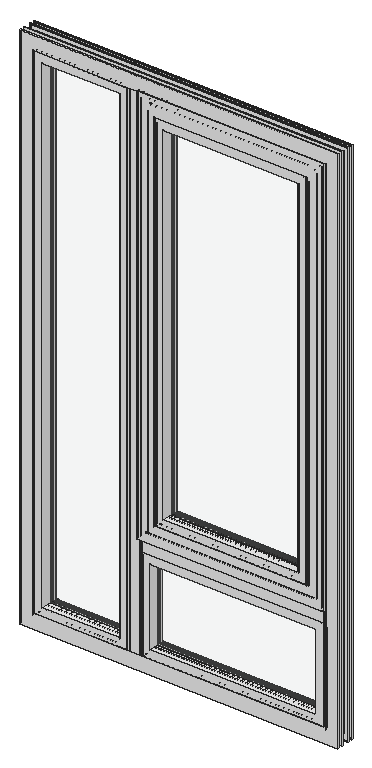
Revit family "Serene_T&T_Window_E_Custom", category Windows, host Wall, Revit 2014
Parameters (values of type "Serene_T&T_Window_E_Custom")
  Windload Design = if(Custom Windload < 1001 mm, 1000 mm, if(Custom Windload < 1501 mm, 1500 mm, 2000 mm))  # 1000 mm
  Width Sash [instance] = 522 mm
  Width = if(Custom Window Width > Limit Window Width Max, Limit Window Width Max, if(Custom Window Width < Limit Window Width Min, Limit Window Width Min, Custom Window Width))  # 890 mm
  Wall Thickness [instance] = 200 mm
  URL = "http://www.crealco.co.za/crealco-products.php"
  Thermal Resistance (R) [instance] = if(and(Custom U Value > 0.5678, 1 / Custom U Value < 36.9087), Custom U Value, if(not(Custom U Value > 0.5678), 1 / 0.5679, 1 / 36.9086)) * 1.0000 (m²·K)/W  # 1.76087 (m²·K)/W
  Standard Mullion = not(Heavy Duty Mullion)  # yes
  Solar Heat Gain Coefficient [instance] = if(and(not(Custom SHGC Value < 0), not(Custom SHGC Value > 1)), Custom SHGC Value, if(Custom U Value < 0, 0, 1))  # 0
  Sash Width = if(Custom Sash Width > Limit Sash Width Max, Limit Sash Width Max, if(Custom Sash Width < Limit Sash Width Min, Limit Sash Width Min, Custom Sash Width))  # 522 mm
  Sash Overlap = 28 mm  # constant formula
  Sash Height = if(Custom Sash Height > Limit Sash Height Max, Limit Sash Height Max, if(Custom Sash Height < Limit Sash Height Min, Limit Sash Height Min, Custom Sash Height))  # 1122 mm
  Sash Frame Gasket = 3.4 mm  # constant formula
  Sash Edge Gap = 34 mm  # constant formula
  Overall Width [instance] = 890 mm
  Overall Height [instance] = 1490 mm
  Max System DG Unit Thickness = 20 mm  # constant formula
  Max System DG One Piece Thickness = rounddown((Max System DG Unit Thickness - 12 mm) / 2 mm) * 1 mm  # 4 mm
  Max Pane Area = if(and(Area Glazing Sash > Area Glazing Fixed Panel Right, Area Glazing Sash > Area Glazing Fixed Panel Left), Area Glazing Sash, if(and(Area Glazing Fixed Panel Right > Area Glazing Sash, Area Glazing Fixed Panel Right > Area Glazing Fixed Panel Left), Area Glazing Fixed Panel Right, if(and(Area Glazing Fixed Panel Left > Area Glazing Sash, Area Glazing Fixed Panel Left > Area Glazing Fixed Panel Right), Area Glazing Fixed Panel Left, if(Area Glazing Sash > Area Glazing Fixed Panel Right, Area Glazing Sash, Area Glazing Fixed Panel Right))))  # 0.430707 m²
  Limit Fixed Panel Width Max = 1800 mm  # constant formula
  Limit Fixed Panel Height Min = 200 mm  # constant formula
  Limit Fixed Panel Height Max = 1800 mm  # constant formula
  Length Transom = Sash Width - 6 mm - 6.4 mm  # 509.6 mm
  Length Decorative Mullion = Height  # 1490 mm
  Custom U Value = 0
  Custom SHGC Value = 0
  IGDB or SAGDB Number [instance] = 0
  Height Sash [instance] = 1122 mm
  Height = if(Custom Window Height > Limit Window Height Max, Limit Window Height Max, if(Custom Window Height < Limit Window Height Min, Limit Window Height Min, Custom Window Height))  # 1490 mm
  Heavy Duty Mullion = if(Windload Design = 1000 mm, if(and(Width > 890 mm, Height > 1490 mm), 1 = 1, 1 = 0), if(Windload Design = 1500 mm, if(or(and(Width > 1190 mm, Height > 1190 mm), Height > 1490 mm), 1 = 1, 1 = 0), if(or(and(Width > 890 mm, Height > 1190 mm), Height > 1490 mm), 1 = 1, 1 = 0)))  # no
  Heat Transfer Coefficient (U) [instance] = if(and(Custom U Value > 0.5678, Custom U Value < 36.9087), Custom U Value, if(not(Custom U Value > 0.5678), 0.5679, 36.9086)) * 1.0000 W/(m²·K)  # 0.5679 W/(m²·K)
  Glazing Material [instance] = if(IGDB or SAGDB Number = 1000015, "PFG CLEARVUE 4mm", if(IGDB or SAGDB Number = 9922, "PFG ENERGY ADVANTAGE 4mm LOW-E", if(IGDB or SAGDB Number = 100100, "PFG INTRUDERPRUFE 6.38mm", if(IGDB or SAGDB Number = 103200, "PFG INTRUDERPRUFE LOW-E 7.38mm", if(IGDB or SAGDB Number = 105001, "PFG 20mm CLEARVUE INSULATED GLASS", if(IGDB or SAGDB Number = 105002, "PFG 20mm CLEARVUE INSULATED GLASS LOW-E", "Unknown"))))))  # "Unknown"
  Glazing Code [instance] = if(IGDB or SAGDB Number = 1000015, "CF4", if(IGDB or SAGDB Number = 9922, "CF4E", if(IGDB or SAGDB Number = 100100, "LAM01", if(IGDB or SAGDB Number = 103200, "LAM01E", if(IGDB or SAGDB Number = 105001, "IGU20", if(IGDB or SAGDB Number = 105002, "IGU20E", "Unknown"))))))  # "Unknown"
  Frame Width = 62 mm  # constant formula
  Frame Thickness = 52 mm  # constant formula
  Frame Offset From Exterior [instance] = if(Centered In Wall, (Wall Thickness - Frame Thickness) / 2, Custom Window Exterior Offset)  # 74 mm
  Fixed Panel Right Width = Width - Sash Width - 33.6 mm - 34 mm - 40 mm  # 260.4 mm
  Fixed Panel Right Height = Height - (2 mm * 40)  # 1410 mm
  Fixed Panel Left Width = Sash Width - 6 mm - 6.4 mm  # 509.6 mm
  Fixed Panel Left Height = Height - Sash Edge Gap - Sash Height - 40 mm - 33.6 mm  # 260.4 mm
  DG Thickness Calc = if(not(Max Pane Area > 1.125 m²), 4 mm, if(not(Max Pane Area > 2.25 m²), 4 mm, if(not(Max Pane Area > 3.15 m²), 5 mm, if(not(Max Pane Area > 4.35 m²), 6 mm, if(not(Max Pane Area > 6.45 m²), 8 mm, 10 mm)))))  # 4 mm
  DG Thickness [instance] = if(IGDB or SAGDB Number = 105001, 4 mm, if(IGDB or SAGDB Number = 105002, 4 mm, if(DG Thickness Calc > Max System DG One Piece Thickness, Max System DG One Piece Thickness, DG Thickness Calc)))  # 4 mm
  DG Gasket Tickness = 12 mm  # constant formula
  Custom Window Width = 890 mm
  Custom Window Height = 1490 mm
  Custom Window Exterior Offset = 0 mm
  Custom Windload = 1000 mm
  Custom Sash Width = 522 mm
  Single Glazing [instance] = not(Double Glazing)  # yes
  SG Thickness [instance] = if(IGDB or SAGDB Number = 1000015, 4 mm, if(IGDB or SAGDB Number = 9922, 4 mm, if(IGDB or SAGDB Number = 100100, 6 mm, if(IGDB or SAGDB Number = 103200, 7 mm, if(not(Max Pane Area > 0.75 m²), 4 mm, if(not(Max Pane Area > 1.50 m²), 4 mm, if(not(Max Pane Area > 2.10 m²), 5 mm, if(not(Max Pane Area > 2.90 m²), 6.4 mm, if(not(Max Pane Area > 4.30 m²), 8 mm, 10 mm)))))))))  # 4 mm
  Model = "Serene"  # constant formula
  Manufacturer = "Crealco"  # constant formula
  Limit Window Width Min = Limit Fixed Panel Width Min + Sash Width + Sash Edge Gap + 33.6 mm + 40 mm  # 829.6 mm
  Limit Window Width Max = Limit Fixed Panel Width Max + Sash Width + Sash Edge Gap + 33.6 mm + 40 mm  # 2429.6 mm
  Limit Window Height Min = Sash Edge Gap + Sash Height + 33.6 mm + Limit Fixed Panel Height Min + 40 mm  # 1429.6 mm
  Limit Window Height Max = Limit Fixed Panel Height Max + (2 * 40 mm)  # 1880 mm
  Limit Sash Width Min = 300 mm  # constant formula
  Limit Sash Width Max = 700 mm  # constant formula
  Limit Sash Height Min = 300 mm  # constant formula
  Limit Sash Height Max = 1500 mm  # constant formula
  Limit Fixed Panel Width Min = 200 mm  # constant formula
  Length Mullion = Height - (2 mm * 40)  # 1410 mm
  Glazing Finish [instance] = Glass
  Double Glazing [instance] = no
  Description = "Tilt and turn window, Type E custom"  # constant formula
  Default Sill Height = 800 mm
  Wall Closure = By host
  DG Gasket Finish = Double Glazing Gasket Material
  Custom Sash Height = 1122 mm
  Centered In Wall = yes
  Area Glazing Sash = (Sash Width - (2 mm * 50.2)) * (Sash Height - (2 mm * 50.2))  # 0.430707 m²
  Area Glazing Fixed Panel Right = (Fixed Panel Right Width - 10 mm) * (Fixed Panel Right Height - 10 mm)  # 0.35056 m²
  Area Glazing Fixed Panel Left = (Fixed Panel Left Width - 10 mm) * (Fixed Panel Left Height - 10 mm)  # 0.1251 m²
  Aluminium Finish [instance] = White Powder Coated Aluminium
  All Available Glazing Numbers [instance] = "The rows below list the available glazing materials for this window:"  # constant formula
  9922 [instance] = "CF4E"  # constant formula
  105002 [instance] = "IGU20E"  # constant formula
  105001 [instance] = "IGU20"  # constant formula
  103200 [instance] = "LAM01E"  # constant formula
  100100 [instance] = "LAM01"  # constant formula
  1000015 [instance] = "CF4"  # constant formula
Reference planes
  plane 1 "Center (Front/Back)": y = 0
  plane 2 "Center (Left/Right)": x = 0
  plane 3 "Left": x = -445
  plane 4 "Right": x = 445
  plane 5 "Sill": z = 800
  plane 6 "Head": z = 2290
  plane 7 "Exterior": y = 100
  plane 8 "Interior": y = -100
  plane 9: y = 0
Lines and regions (mm)
  Opening 1
    outline origin (3500, -100, 0) x (1, 0, 0) y (0, 0, 1)
      loop
        line (-3055, 800) -> (-3055, 2290) -> (-3945, 2290) -> (-3945, 800) -> (-3055, 800)
Text (mm)
  text "EXTERIOR" at (-1963.203, 1332.353, 0), in view "Ref. Level"
  text "INTERIOR" at (-1981.466, -818.386, 0), in view "Ref. Level"
  text "Exterior" at (0, 923.751, 2943.296), in view "Right"
  text "Exterior" at (0, 1040.484, 2685.409), in view "Left"
Dimensions and locks
  equal spacing: plane 3 "Left", plane 2 "Center (Left/Right)", plane 4 "Right"
  "Width": plane 3 "Left" to plane 4 "Right"
  "Height": plane 5 "Sill" to plane 6 "Head"
  "Default Sill Height": plane 5 "Sill" to level
  locked: plane 7 "Exterior" to host wall at 0
  locked: plane 8 "Interior" to host wall
  "Overall Height": plane 5 "Sill" to plane 6 "Head"
  "Overall Width": plane 3 "Left" to plane 4 "Right"
  "Frame Offset From Exterior": nested 1 to plane 7 "Exterior"
  "Wall Thickness": host wall to host wall
  "Sash Edge Gap": plane 6 "Head" to nested 3
  "Sash Frame Gasket": nested 3 to nested 1
  "Width Sash": nested 3 to nested 3
  "Height Sash": nested 3 to nested 3
  "Sash Edge Gap": nested 3 to plane 4 "Right"
  aligned and locked: plane 9 to host wall
  aligned and locked: nested 1 to plane 4 "Right"
  aligned and locked: nested 1 to plane 6 "Head"
  aligned and locked: nested 2 to nested 1
  aligned and locked: nested 4 to nested 1  (x2)
  aligned and locked: nested 1 to nested 4
  aligned and locked: nested 5 to nested 1
  aligned and locked: nested 1 to nested 5
  aligned and locked: nested 3 to nested 5
  aligned and locked: nested 6 to nested 5
  aligned and locked: nested 1 to nested 6
  aligned and locked: nested 6 to nested 2
  aligned and locked: nested 2 to nested 3
  aligned and locked: nested 1 to nested 10
  aligned and locked: nested 10 to nested 3
  aligned and locked: plane 5 "Sill" to nested 10
Automatic sketch dimensions
  Opening 1 sketch curve to plane 3 "Left" = 0 mm
  Opening 1 sketch curve to plane 4 "Right" = 0 mm
  Opening 1 sketch curve to plane 5 "Sill" = 0 mm
  Opening 1 sketch curve to plane 6 "Head" = 0 mm
Nested families
  nested 1: "Serene_Frame_Rounded_Ext_52mm_E_Cust" at (-445, -26, 800), Frame Width <- "Width", Frame Height <- "Height", Profile Material <- "Aluminium Finish", type "Serene_Frame_Rounded_Ext_52mm_E_Cust"
    with Profile Material White Powder Coated Aluminium, Frame Width 890 mm, Frame Height 1490 mm
  nested 2: "Serene_Mullion_44mm_Flat_E_Cust" at (-77.85, -33.553, 840) x (0, 1, 0) z (0, 0, 1), Length Mullion <- "Length Mullion", Profile Material <- "Aluminium Finish", visible <- "Standard Mullion", type "Serene_Mullion_44mm_Flat_E_Cust"
    with Profile Material White Powder Coated Aluminium, Length Mullion 1410 mm
  nested 3: "Serene_Sash_Open_In_72mm_E_Cust" at (411, -32.8, 1134) x (-1, 0, 0) z (0, 0, 1), Profile Material <- "Aluminium Finish", Glazing Material <- "Glazing Finish", Double Glazing Gasket Material <- "DG Gasket Finish", Width Sash <- "Sash Width", Height Sash <- "Sash Height", SG Glazing Thickness <- "SG Thickness", DG Glazing Thickness <- "DG Thickness", DG Gasket Thickness <- "DG Gasket Tickness", Double Glazing <- "Double Glazing", Single Glazing <- "Single Glazing", type "Serene_Sash_Open_In_72mm_E_Cust"
    with Width Sash 522 mm, Width Bead 422 mm, Tilt yes, Single Glazing yes, SG Offset 32.25 mm, SG Glazing Thickness 4 mm, Right Hinged yes, Profile Material White Powder Coated Aluminium, Left Hinged no, Height Sash 1122 mm, Height Bead 1022 mm, Glazing Width 421.6 mm, Glazing Material Glass, Glazing Height 1021.6 mm, Double Glazing Gasket Material Double Glazing Gasket Material, Double Glazing no, DG Offset 18.75 mm, DG Glazing Thickness 4 mm, DG Gasket Thickness 12 mm
  nested 4: "Serene_Fixed_Panel_E_Cust" at (-405, -26, 840), Profile Material <- "Aluminium Finish", Glazing Material <- "Glazing Finish", Double Glazing Gasket Material <- "DG Gasket Finish", SG Thickness <- "SG Thickness", Fixed Panel Width <- "Fixed Panel Right Width", Fixed Panel Height <- "Fixed Panel Right Height", DG Thickness <- "DG Thickness", Single Glazing <- "Single Glazing", Double Glazing <- "Double Glazing", type "Serene_Fixed_Panel_E_Cust"
    with Single Glazing yes, SG Thickness 4 mm, SG Space Available 13 mm, SG Offset 4.5 mm, Profile Material White Powder Coated Aluminium, Glazing Width 250.4 mm, Glazing Material Glass, Glazing Height 1400 mm, Fixed Panel Width 260.4 mm, Fixed Panel Height 1410 mm, Double Glazing Gasket Material Double Glazing Gasket Material, Double Glazing no, DG Thickness 4 mm, DG Space Available 24 mm, DG Offset 2 mm, DG Gasket Thickness 12 mm
  nested 5: "Serene_Transom_44mm_Flat_E_Cust" at (-104.6, -40.48, 787.299), Profile Material <- "Aluminium Finish", Length Transom <- "Length Transom", type "Serene_Transom_44mm_Flat_E_Cust"
    with Profile Material White Powder Coated Aluminium, Length Transom 509.6 mm
  nested 6: "Serene_Fixed_Panel_E_Cust" at (-104.6, -26, 840), Profile Material <- "Aluminium Finish", Glazing Material <- "Glazing Finish", Double Glazing Gasket Material <- "DG Gasket Finish", SG Thickness <- "SG Thickness", Fixed Panel Width <- "Fixed Panel Left Width", Fixed Panel Height <- "Fixed Panel Left Height", DG Thickness <- "DG Thickness", Single Glazing <- "Single Glazing", Double Glazing <- "Double Glazing", type "Serene_Fixed_Panel_E_Cust"
    with Single Glazing yes, SG Thickness 4 mm, SG Space Available 13 mm, SG Offset 4.5 mm, Profile Material White Powder Coated Aluminium, Glazing Width 499.6 mm, Glazing Material Glass, Glazing Height 250.4 mm, Fixed Panel Width 509.6 mm, Fixed Panel Height 260.4 mm, Double Glazing Gasket Material Double Glazing Gasket Material, Double Glazing no, DG Thickness 4 mm, DG Space Available 24 mm, DG Offset 2 mm, DG Gasket Thickness 12 mm
  nested 7: "Serene_Single_Glazing_Tilt_&_Turn_E_Cust" at (360.8, 3.45, 1184.2), type "Serene_Single_Glazing_Tilt_&_Turn_E_Cust"
    with Tilt yes, Right Hinged yes, Left Hinged no, Half Width 210.8 mm, Half Height 510.8 mm, Glazing Width 421.6 mm, Glazing Thickness SG 4 mm, Glazing Material Glass, Glazing Height 1021.6 mm
  nested 8: "Serene_Single_Glazing_Fixed_E_Cust" at (-149.6, 10, 845), type "Serene_Single_Glazing_Fixed_E_Cust"
    with Glazing Width 250.4 mm, Glazing Thickness SG 4 mm, Glazing Material Glass, Glazing Height 1400 mm
  nested 9: "Serene_Single_Glazing_Fixed_E_Cust" at (400, 10, 845), type "Serene_Single_Glazing_Fixed_E_Cust"
    with Glazing Width 499.6 mm, Glazing Thickness SG 4 mm, Glazing Material Glass, Glazing Height 250.4 mm
  nested 10: "Serene_Mullion_73mm_Decorative_E_Cust" at (-79.996, -30.05, 800) x (0, 1, 0) z (0, 0, 1), Profile Material <- "Aluminium Finish", Length Mullion <- "Length Decorative Mullion", visible <- "Heavy Duty Mullion", type "Serene_Mullion_73mm_Decorative_E_Cust"
    with Profile Material White Powder Coated Aluminium, Length Mullion 1490 mm
Definition of nested family "Serene_Frame_Rounded_Ext_52mm_E_Cust"
  Parameters (values of type "Serene_Frame_Rounded_Ext_52mm")
    Profile Material [instance] = none
    Frame Width [instance] = 600 mm
    Frame Height [instance] = 900 mm
  Reference planes
    plane 1 "Center (Front/Back)": y = 0
    plane 2: z = 0
    plane 3 "Center (Left/Right)": x = 0
  Forms (mm)
    Sweep 1, solid, material <- "Profile Material"
      path origin (0, 0, 0) x (1, 0, 0) y (0, 0, 1)
        loop
          line (0, 0) -> (600, 0) -> (600, 900) -> (0, 900) -> (0, 0)
      profile origin (300, 0, 0) x (0, 0, 1) y (0, -1, 0)
        loop
          line (32.05, -9) -> (32.05, -8) -> (33.7, -8) -> (33.7, -1.3) -> (15.1, -1.3) -> (15.1, -8) -> (16.75, -8) -> (16.75, -9) -> (15.1, -9) -> (15.1, -42.5) -> (16.75, -42.5) -> (16.75, -43.5) -> (15.1, -43.5) -> (15.1, -50.7) -> (33.7, -50.7) -> (33.7, -43.5) -> (32.05, -43.5) -> (32.05, -42.5) -> (33.7, -42.5) -> (33.7, -9) -> (32.05, -9)
        loop
          arc (52.4, -49.7) -> (52.107, -48.993) -> (51.4, -48.7) r 1
          line (51.4, -48.7) -> (50.4, -48.7)
          arc (50.4, -48.7) -> (49.9, -49.2) -> (50.4, -49.7) r 0.5
          line (50.4, -49.7) -> (51.2, -49.7) -> (51.2, -50.7) -> (35, -50.7) -> (35, -49.7) -> (36, -49.7)
          arc (36, -49.7) -> (36.5, -49.2) -> (36, -48.7) r 0.5
          line (36, -48.7) -> (35, -48.7) -> (35, -35.9) -> (40, -35.9) -> (40, -32.956) -> (38.5, -31.79) -> (38.5, -34.6) -> (35, -34.6) -> (35, -21.1) -> (38.5, -21.1) -> (38.5, -26.41) -> (40, -25.244) -> (40, -18.807) -> (38, -17.818) -> (38, -19.5) -> (35, -19.5) -> (35, -1.5) -> (38, -1.5) -> (38, -4.182) -> (40, -3.193) -> (40, 0) -> (0, 0) -> (0, -2.7) -> (1.3, -2.7) -> (1.3, -1.5) -> (13.8, -1.5) -> (13.8, -13.05) -> (0, -13.05) -> (0, -16.05) -> (1.3, -16.05) -> (1.3, -14.35) -> (13.8, -14.35) -> (13.8, -37.65) -> (1.3, -37.65) -> (1.3, -35.95) -> (0, -35.95) -> (0, -38.95) -> (13.8, -38.95) -> (13.8, -50.5) -> (1.3, -50.5) -> (1.3, -49.3) -> (0, -49.3) -> (0, -52) -> (58, -52)
          arc (58, -52) -> (60.828, -50.828) -> (62, -48) r 4
          line (62, -48) -> (62, -40.5) -> (59.5, -40.5) -> (59.5, -41.7) -> (60.7, -41.7) -> (60.7, -43.7) -> (55.5, -43.7) -> (55.5, -41.7) -> (56.7, -41.7) -> (56.7, -40.5) -> (54.2, -40.5) -> (54.2, -44)
          arc (54.2, -44) -> (54.493, -44.707) -> (55.2, -45) r 1
          line (55.2, -45) -> (60.7, -45) -> (60.7, -48)
          arc (60.7, -48) -> (59.909, -49.909) -> (58, -50.7) r 2.7
          line (58, -50.7) -> (52.4, -50.7) -> (52.4, -49.7)
  Lines and regions (mm)
    model lines, style "GenericModel"
      curve 1: line (600, 52, 900) -> (541.992, 52, 841.992)
      curve 2: line (0, 52, 900) -> (58.006, 52, 841.994)
      curve 3: line (0, 52, 0) -> (58.008, 52, 58.008)
      curve 4: line (600, 52, 0) -> (541.992, 52, 58.008)
      curve 5: line (0, 0, 900) -> (40, 0, 860)
      curve 6: line (600, 0, 900) -> (560, 0, 860)
      curve 7: line (600, 0, 0) -> (560, 0, 40)
      curve 8: line (0, 0, 0) -> (40, 0, 40)
  Dimensions and locks
    "Frame Width": Sweep 1 sketch curve to Sweep 1 sketch curve
    "Frame Height": Sweep 1 sketch curve to Sweep 1 sketch curve
    aligned and locked: level to plane 2
  Automatic sketch dimensions
    Sweep 1 sketch curve to Sweep 1 sketch curve = 0 mm  (x9)
    Sweep 1 sketch curve to profile plane = 0 mm  (x4)
    Sweep 1 sketch curve to Sweep 1 sketch curve = 1.3 mm  (x13)
    Sweep 1 sketch curve to Sweep 1 sketch curve = 12.5 mm  (x2)
    Sweep 1 sketch curve to Sweep 1 sketch curve = 1.65 mm  (x4)
    Sweep 1 sketch curve to Sweep 1 sketch curve = 15.3 mm  (x2)
    Sweep 1 sketch curve to Sweep 1 sketch curve = 1 mm  (x10)
    Sweep 1 sketch curve to Sweep 1 sketch curve = 3 mm  (x3)
    Sweep 1 sketch curve to Sweep 1 sketch curve = 0.5 mm  (x2)
    Sweep 1 sketch curve to Sweep 1 sketch curve = 3.5 mm
    Sweep 1 sketch curve to Sweep 1 sketch curve = 2 mm  (x3)
    Sweep 1 sketch curve to Sweep 1 sketch curve = 1.5 mm  (x3)
    Sweep 1 sketch curve to Sweep 1 sketch curve = 14.4 mm
    Sweep 1 sketch curve to Sweep 1 sketch curve = 0.8 mm
    Sweep 1 sketch curve to Sweep 1 sketch curve = 0.2 mm  (x3)
    Sweep 1 sketch curve to Sweep 1 sketch curve = 2.8 mm  (x3)
    Sweep 1 sketch curve to Sweep 1 sketch curve = 0.3 mm
    Sweep 1 sketch curve to Sweep 1 sketch curve = 1.2 mm  (x6)
    Sweep 1 sketch curve to plane 1 "Center (Front/Back)" = 52 mm
    Sweep 1 sketch curve to Sweep 1 sketch curve = 5.2 mm
    Sweep 1 sketch curve to Sweep 1 sketch curve = 7 mm
    Sweep 1 sketch curve to Sweep 1 sketch curve = 10.35 mm  (x2)
    Sweep 1 sketch curve to Sweep 1 sketch curve = 1.7 mm  (x2)
    Sweep 1 sketch curve to Sweep 1 sketch curve = 6.6 mm
    Sweep 1 sketch curve to Sweep 1 sketch curve = 1.644 mm
    Sweep 1 sketch curve to Sweep 1 sketch curve = 1.167 mm  (x2)
    Sweep 1 sketch curve to Sweep 1 sketch curve = 5.379 mm
    Sweep 1 sketch curve to Sweep 1 sketch curve = 4.144 mm
    Sweep 1 sketch curve to Sweep 1 sketch curve = 1.6 mm
    Sweep 1 sketch curve to Sweep 1 sketch curve = 0.693 mm
    Sweep 1 sketch curve to Sweep 1 sketch curve = 1.682 mm
    Sweep 1 sketch curve to Sweep 1 sketch curve = 19.9 mm
    Sweep 1 sketch curve to Sweep 1 sketch curve = 8.818 mm
    Sweep 1 sketch curve to Sweep 1 sketch curve = 4.05 mm
    Sweep 1 sketch curve to Sweep 1 sketch curve = 3.818 mm
    Sweep 1 sketch curve to Sweep 1 sketch curve = 0.99 mm
    Sweep 1 sketch curve to Sweep 1 sketch curve = 6.5 mm
    Sweep 1 sketch curve to Sweep 1 sketch curve = 1.693 mm
    curve 1 to Sweep 1 = 0 mm
    Sweep 1 to curve 1 = 0 mm
    curve 2 to Sweep 1 = 0 mm  (x2)
    curve 3 to Sweep 1 = 0 mm  (x2)
    curve 4 to Sweep 1 = 0 mm  (x2)
    curve 2 to Sweep 1 = 0.006 mm  (x2)
    curve 3 to Sweep 1 = 0.008 mm  (x2)
    curve 1 to Sweep 1 = 0.008 mm  (x2)
    curve 4 to Sweep 1 = 0.008 mm  (x2)
    curve 5 to Sweep 1 = 0 mm  (x4)
    curve 6 to Sweep 1 = 0 mm  (x4)
    curve 7 to Sweep 1 = 0 mm  (x3)
    Sweep 1 to curve 7 = 0 mm
    curve 8 to Sweep 1 = 0 mm  (x3)
    Sweep 1 to curve 8 = 0 mm
    Sweep 1 sketch curve to plane 3 "Center (Left/Right)" = 0 mm
    Sweep 1 sketch curve to level = 0 mm
Definition of nested family "Serene_Mullion_44mm_Flat_E_Cust"
  Parameters (values of type "Serene_Mullion_44mm_Flat")
    Profile Material [instance] = none
    Length Mullion [instance] = 250 mm
    Length Cut = 22 mm
  Reference planes
    plane 1 "Center (Front/Back)": y = 0
    plane 2: z = 0
    plane 3 "Center (Left/Right)": x = 0
  Forms (mm)
    Extrusion 1, solid, material <- "Profile Material"
      sketch origin (0, 0, 0) x (1, 0, 0) y (0, 1, 0)
        loop
          line (9.056, 33.15) -> (50.755, 33.15) -> (50.755, 60.35) -> (9.056, 60.35) -> (9.056, 33.15)
        loop
          line (52.256, 88.75) -> (48.053, 88.75) -> (48.053, 86.25) -> (49.253, 86.25) -> (49.253, 87.45) -> (50.757, 87.45) -> (50.757, 82.25) -> (49.253, 82.25) -> (49.253, 83.45) -> (48.053, 83.45) -> (48.053, 80.95) -> (50.755, 80.95) -> (50.755, 61.75) -> (43.453, 61.75) -> (43.453, 66.75) -> (40.51, 66.75) -> (39.343, 65.25) -> (42.153, 65.25) -> (42.153, 61.75) -> (28.653, 61.75) -> (28.653, 65.25) -> (33.964, 65.25) -> (32.797, 66.75) -> (26.361, 66.75) -> (25.371, 64.75) -> (27.053, 64.75) -> (27.053, 61.75) -> (9.053, 61.75) -> (9.053, 64.75) -> (11.736, 64.75) -> (10.746, 66.75) -> (7.553, 66.75) -> (7.553, 26.749) -> (10.746, 26.749) -> (11.736, 28.749) -> (9.053, 28.749) -> (9.053, 31.749) -> (27.053, 31.749) -> (27.053, 28.749) -> (25.371, 28.749) -> (26.361, 26.749) -> (32.797, 26.749) -> (33.964, 28.249) -> (28.653, 28.249) -> (28.653, 31.749) -> (42.153, 31.749) -> (42.153, 28.249) -> (39.343, 28.249) -> (40.51, 26.749) -> (43.453, 26.749) -> (43.453, 31.749) -> (50.755, 31.749) -> (50.755, 12.55) -> (48.053, 12.55) -> (48.053, 10.05) -> (49.253, 10.05) -> (49.253, 11.25) -> (50.757, 11.25) -> (50.757, 6.05) -> (49.253, 6.05) -> (49.253, 7.25) -> (48.053, 7.25) -> (48.053, 4.75) -> (52.256, 4.75) -> (52.256, 88.75)
      from 0 to 250 <- "Length Mullion"
    Extrusion 2, void
      sketch origin (0, 0, 250) x (0, 1, 0) y (1, 0, 0)
        loop
          line (88.75, 48.053) -> (88.75, 52.256) -> (4.75, 52.256) -> (4.75, 48.053) -> (88.75, 48.053)
      from 0 to 22 <- "Length Cut"
    Extrusion 3, void
      sketch origin (0, 0, 0) x (1, 0, 0) y (0, 1, 0)
        loop
          line (48.053, 4.75) -> (52.256, 4.75) -> (52.256, 88.75) -> (48.053, 88.75) -> (48.053, 4.75)
      from 0 to 22 <- "Length Cut"
  Cuts and joins
    Extrusion 2, Extrusion 3 cuts Extrusion 1
  Dimensions and locks
    aligned and locked: level to plane 2
Definition of nested family "Serene_Sash_Open_In_72mm_E_Cust"
  Parameters (values of type "Serene_Sash_Open_In_72mm")
    Width Sash [instance] = 600 mm
    Width Bead [instance] = Width Sash - (Bead Edge Offset * 2)  # 500 mm
    Tilt [instance] = yes
    Single Glazing [instance] = yes
    SG Offset [instance] = Rear Glazing Channel Offset - SG Available Space + ((SG Available Space - SG Glazing Thickness) / 2)  # 32.25 mm
    SG Glazing Thickness [instance] = 4 mm
    SG Available Space = 13.5 mm  # constant formula
    Right Hinged [instance] = yes
    Rear Glazing Channel Offset = 41 mm  # constant formula
    Profile Material [instance] = none
    Left Hinged [instance] = yes
    Height Sash [instance] = 900 mm
    Height Bead [instance] = Height Sash - (Bead Edge Offset * 2)  # 800 mm
    Glazing Width [instance] = Width Sash - (Glazing Edge Offset * 2)  # 499.6 mm
    Glazing Material [instance] = Glass
    Glazing Height [instance] = Height Sash - (Glazing Edge Offset * 2)  # 799.6 mm
    Glazing Edge Offset = 50.2 mm  # constant formula
    Double Glazing Gasket Material [instance] = none
    Double Glazing [instance] = yes
    DG Offset [instance] = Rear Glazing Channel Offset - DG Available Space + ((DG Available Space - DG Gasket Thickness - (2 * DG Glazing Thickness)) / 2)  # 18.75 mm
    DG Glazing Thickness [instance] = 4 mm
    DG Gasket Thickness [instance] = 12 mm
    DG Available Space = 24.5 mm  # constant formula
    Bead Edge Offset = 50 mm  # constant formula
  Reference planes
    plane 1 "Center (Front/Back)": y = 0
    plane 2: z = 0
    plane 3 "Center (Left/Right)": x = 0
  Forms (mm)
    Sweep 1, solid, material <- "Profile Material"
      path origin (0, 0, 0) x (1, 0, 0) y (0, 0, 1)
        loop
          line (0, 0) -> (600, 0) -> (600, 900) -> (0, 900) -> (0, 0)
      profile origin (300, 0, 0) x (0, 0, 1) y (0, -1, 0)
        loop
          line (21.76, 25.1) -> (23.96, 25.1) -> (23.96, 10.1) -> (21.76, 10.1) -> (21.76, 7.4) -> (18.76, 7.4) -> (18.76, 10.524) -> (17.46, 9.224) -> (17.46, 7.1)
          arc (17.46, 7.1) -> (17.753, 6.393) -> (18.46, 6.1) r 1
          line (18.46, 6.1) -> (23.96, 6.1) -> (23.96, 3.4) -> (22.8, 3.4)
          arc (22.8, 3.4) -> (22.3, 2.9) -> (22.8, 2.4) r 0.5
          line (22.8, 2.4) -> (23.96, 2.4) -> (23.96, 1.3) -> (7.7, 1.3) -> (7.7, 2.4) -> (8.5, 2.4) -> (8.5, 3.4) -> (5.3, 3.4) -> (5.3, 2.4) -> (6.6, 2.4) -> (6.6, 1.1) -> (1.2, 1.1) -> (1.2, 2.4) -> (2.5, 2.4) -> (2.5, 3.4) -> (0, 3.4) -> (0, 0) -> (49.96, 0) -> (49.96, 3.18) -> (48.16, 4.22) -> (48.16, 1.5) -> (45.16, 1.5) -> (45.16, 20.1) -> (48.16, 20.1) -> (48.16, 17.88) -> (49.96, 18.92) -> (49.96, 21.6) -> (45.16, 21.6) -> (45.16, 40) -> (37.96, 47) -> (37.96, 50.7) -> (43.96, 50.7) -> (43.96, 49.3)
          arc (43.96, 49.3) -> (44.253, 48.593) -> (44.96, 48.3) r 1
          line (44.96, 48.3) -> (46.21, 48.3)
          arc (46.21, 48.3) -> (46.71, 48.8) -> (46.21, 49.3) r 0.5
          line (46.21, 49.3) -> (44.96, 49.3) -> (44.96, 50.7) -> (61.46, 50.7) -> (61.46, 49.3) -> (60.21, 49.3)
          arc (60.21, 49.3) -> (59.71, 48.8) -> (60.21, 48.3) r 0.5
          line (60.21, 48.3) -> (61.46, 48.3)
          arc (61.46, 48.3) -> (62.167, 48.593) -> (62.46, 49.3) r 1
          line (62.46, 49.3) -> (62.46, 50.7) -> (66.96, 50.7)
          arc (66.96, 50.7) -> (69.576, 49.616) -> (70.66, 47) r 3.7
          line (70.66, 47) -> (70.66, 45.5) -> (64.16, 45.5) -> (64.16, 41) -> (66.66, 41) -> (66.66, 42.2) -> (65.46, 42.2) -> (65.46, 44.2) -> (70.66, 44.2) -> (70.66, 42.2) -> (69.46, 42.2) -> (69.46, 41) -> (71.96, 41) -> (71.96, 47)
          arc (71.96, 47) -> (70.496, 50.536) -> (66.96, 52) r 5
          line (66.96, 52) -> (33.006, 52) -> (33.006, 50.7) -> (34.46, 50.7) -> (36.66, 50.7) -> (36.66, 47.3) -> (26.46, 47.3) -> (23.536, 47.3) -> (24.836, 46) -> (26.96, 46) -> (26.96, 35.2) -> (23.935, 35.2) -> (18.293, 34.246)
          arc (18.293, 34.246) -> (17.696, 33.906) -> (17.46, 33.26) r 1
          line (17.46, 33.26) -> (17.46, 25.976) -> (18.76, 24.676) -> (18.76, 27.3) -> (21.76, 27.3) -> (21.76, 25.1)
        loop
          line (43.86, 33.9) -> (42.16, 33.9) -> (42.16, 35.2) -> (43.86, 35.2) -> (43.86, 39.451) -> (37.124, 46) -> (28.26, 46) -> (28.26, 34.9)
          arc (28.26, 34.9) -> (27.967, 34.193) -> (27.26, 33.9) r 1
          line (27.26, 33.9) -> (24.094, 33.9) -> (18.76, 33.007) -> (18.76, 28.6) -> (22.06, 28.6)
          arc (22.06, 28.6) -> (22.767, 28.307) -> (23.06, 27.6) r 1
          line (23.06, 27.6) -> (23.06, 26.4) -> (24.26, 26.4)
          arc (24.26, 26.4) -> (24.967, 26.107) -> (25.26, 25.4) r 1
          line (25.26, 25.4) -> (25.26, 24.337) -> (25.26, 9.8)
          arc (25.26, 9.8) -> (24.967, 9.093) -> (24.26, 8.8) r 1
          line (24.26, 8.8) -> (23.06, 8.8) -> (23.06, 7.4) -> (24.26, 7.4)
          arc (24.26, 7.4) -> (24.967, 7.107) -> (25.26, 6.4) r 1
          line (25.26, 6.4) -> (25.26, 1.3) -> (43.86, 1.3) -> (43.86, 33.9)
  Lines and regions (mm)
    model lines, style "GenericModel"
      curve 1: line (600, 0, 900) -> (550.04, 0, 850.04)
      curve 2: line (0, 0, 900) -> (49.96, 0, 850.04)
      curve 3: line (0, 0, 0) -> (49.96, 0, 49.96)
      curve 4: line (600, 0, 0) -> (550.04, 0, 49.96)
      curve 5: line (33.953, -50.7, 866.047) -> (66.968, -50.7, 833.032)
      curve 6: line (566.047, -50.7, 866.047) -> (533, -50.7, 833)
      curve 7: line (566.047, -50.7, 33.953) -> (533.032, -50.7, 66.968)
      curve 8: line (33.953, -50.7, 33.953) -> (66.968, -50.7, 66.968)
      curve 9: line (33.006, -52, 866.994) -> (66.968, -52, 833.032)
      curve 10: line (566.994, -52, 866.994) -> (533, -52, 833)
      curve 11: line (33.006, -52, 33.006) -> (66.968, -52, 66.968)
      curve 12: line (566.994, -52, 33.006) -> (533.032, -52, 66.968)
      curve 13: line (23.536, -47.3, 876.464) -> (33.006, -47.3, 866.994)
      curve 14: line (576.464, -47.3, 876.464) -> (566.994, -47.3, 866.994)
      curve 15: line (576.464, -47.3, 23.536) -> (566.994, -47.3, 33.006)
      curve 16: line (23.536, -47.3, 23.536) -> (33.006, -47.3, 33.006)
  Dimensions and locks
    "Width Sash": Sweep 1 sketch curve to Sweep 1 sketch curve
    "Height Sash": Sweep 1 sketch curve to Sweep 1 sketch curve
    "Bead Edge Offset": nested 1 to plane 2
    "Bead Edge Offset": nested 2 to plane 2
    "Bead Edge Offset": plane 3 "Center (Left/Right)" to nested 1
    "Bead Edge Offset": plane 3 "Center (Left/Right)" to nested 2
    "Glazing Edge Offset": plane 3 "Center (Left/Right)" to nested 3
    "Glazing Edge Offset": nested 3 to plane 2
    "SG Offset": nested 3 to plane 1 "Center (Front/Back)"
    "DG Offset": nested 4 to plane 1 "Center (Front/Back)"
    "Glazing Edge Offset": plane 3 "Center (Left/Right)" to nested 4
    "Glazing Edge Offset": nested 4 to level
    aligned and locked: level to plane 2
    aligned and locked: nested 1 to plane 1 "Center (Front/Back)"
    aligned and locked: nested 2 to plane 1 "Center (Front/Back)"
  Automatic sketch dimensions
    curve 1 to Sweep 1 = 0 mm  (x3)
    Sweep 1 to curve 1 = 0 mm
    curve 2 to Sweep 1 = 0 mm  (x3)
    Sweep 1 to curve 2 = 0 mm
    curve 3 to Sweep 1 = 0 mm  (x4)
    curve 4 to Sweep 1 = 0 mm  (x4)
    curve 8 to Sweep 1 = 30.308 mm  (x2)
    curve 5 to Sweep 1 = 30.308 mm  (x2)
    curve 6 to Sweep 1 = 30.34 mm  (x2)
    curve 7 to Sweep 1 = 30.308 mm  (x2)
    Sweep 1 sketch curve to Sweep 1 sketch curve = 0 mm  (x12)
    Sweep 1 sketch curve to plane 1 "Center (Front/Back)" = 0 mm
    profile plane to Sweep 1 sketch curve = 0 mm
    Sweep 1 sketch curve to profile plane = 1.2 mm
    Sweep 1 sketch curve to Sweep 1 sketch curve = 1.3 mm  (x21)
    Sweep 1 sketch curve to Sweep 1 sketch curve = 2.8 mm  (x2)
    Sweep 1 sketch curve to Sweep 1 sketch curve = 1.1 mm  (x2)
    Sweep 1 sketch curve to Sweep 1 sketch curve = 0.8 mm
    Sweep 1 sketch curve to profile plane = 17.46 mm
    Sweep 1 sketch curve to Sweep 1 sketch curve = 8.96 mm
    Sweep 1 sketch curve to Sweep 1 sketch curve = 0.833 mm
    Sweep 1 sketch curve to Sweep 1 sketch curve = 0.167 mm
    Sweep 1 sketch curve to Sweep 1 sketch curve = 1 mm  (x10)
    Sweep 1 sketch curve to Sweep 1 sketch curve = 3 mm  (x4)
    Sweep 1 sketch curve to Sweep 1 sketch curve = 0.3 mm  (x6)
    plane 1 "Center (Front/Back)" to Sweep 1 sketch curve = 3.4 mm
    Sweep 1 sketch curve to Sweep 1 sketch curve = 1.04 mm
    Sweep 1 sketch curve to Sweep 1 sketch curve = 5.242 mm
    Sweep 1 sketch curve to Sweep 1 sketch curve = 5.175 mm
    Sweep 1 sketch curve to Sweep 1 sketch curve = 0.9 mm
    Sweep 1 sketch curve to Sweep 1 sketch curve = 1.16 mm
    Sweep 1 sketch curve to Sweep 1 sketch curve = 0.158 mm
    Sweep 1 sketch curve to Sweep 1 sketch curve = 1.2 mm  (x6)
    Sweep 1 sketch curve to Sweep 1 sketch curve = 1.624 mm
    Sweep 1 sketch curve to Sweep 1 sketch curve = 0.5 mm  (x3)
    Sweep 1 sketch curve to Sweep 1 sketch curve = 4.746 mm
    Sweep 1 sketch curve to Sweep 1 sketch curve = 1.454 mm
    Sweep 1 sketch curve to Sweep 1 sketch curve = 2.2 mm
    Sweep 1 sketch curve to Sweep 1 sketch curve = 0.464 mm
    Sweep 1 sketch curve to Sweep 1 sketch curve = 0.836 mm
    Sweep 1 sketch curve to Sweep 1 sketch curve = 5.036 mm
    plane 1 "Center (Front/Back)" to Sweep 1 sketch curve = 1.3 mm
    Sweep 1 sketch curve to Sweep 1 sketch curve = 18.6 mm
    Sweep 1 sketch curve to Sweep 1 sketch curve = 1.7 mm
    Sweep 1 sketch curve to Sweep 1 sketch curve = 6 mm
    Sweep 1 sketch curve to Sweep 1 sketch curve = 1.25 mm  (x2)
    plane 1 "Center (Front/Back)" to Sweep 1 sketch curve = 17.88 mm
    plane 1 "Center (Front/Back)" to Sweep 1 sketch curve = 18.92 mm
    Sweep 1 sketch curve to Sweep 1 sketch curve = 1.8 mm  (x2)
    Sweep 1 sketch curve to Sweep 1 sketch curve = 14 mm
    Sweep 1 sketch curve to Sweep 1 sketch curve = 2.7 mm  (x2)
    Sweep 1 sketch curve to Sweep 1 sketch curve = 1.5 mm  (x3)
    plane 1 "Center (Front/Back)" to Sweep 1 sketch curve = 1.1 mm
    plane 1 "Center (Front/Back)" to Sweep 1 sketch curve = 1.5 mm
    Sweep 1 sketch curve to Sweep 1 sketch curve = 1.68 mm
    Sweep 1 sketch curve to Sweep 1 sketch curve = 1.039 mm
    Sweep 1 sketch curve to Sweep 1 sketch curve = 1.4 mm  (x2)
    Sweep 1 sketch curve to Sweep 1 sketch curve = 2.124 mm
    Sweep 1 sketch curve to Sweep 1 sketch curve = 2.22 mm
    Sweep 1 sketch curve to Sweep 1 sketch curve = 14.237 mm
    Sweep 1 sketch curve to Sweep 1 sketch curve = 0.339 mm
    Sweep 1 sketch curve to Sweep 1 sketch curve = 0.763 mm
    Sweep 1 sketch curve to Sweep 1 sketch curve = 1.063 mm
    Sweep 1 sketch curve to Sweep 1 sketch curve = 1.324 mm
    Sweep 1 sketch curve to Sweep 1 sketch curve = 4.407 mm
    Sweep 1 sketch curve to Sweep 1 sketch curve = 0.254 mm
    Sweep 1 sketch curve to Sweep 1 sketch curve = 5.3 mm
    Sweep 1 sketch curve to Sweep 1 sketch curve = 12.3 mm
    Sweep 1 sketch curve to Sweep 1 sketch curve = 4.251 mm
    Sweep 1 sketch curve to Sweep 1 sketch curve = 0.549 mm
    Sweep 1 sketch curve to Sweep 1 sketch curve = 2 mm
    Sweep 1 sketch curve to Sweep 1 sketch curve = 10.8 mm
    Sweep 1 sketch curve to Sweep 1 sketch curve = 2.4 mm
    Sweep 1 sketch curve to Sweep 1 sketch curve = 3.4 mm
    curve 5 to Sweep 1 = 0.947 mm  (x2)
    curve 8 to Sweep 1 = 0.947 mm  (x2)
    curve 7 to Sweep 1 = 0.947 mm  (x2)
    curve 6 to Sweep 1 = 0.947 mm  (x2)
    curve 9 to Sweep 1 = 0 mm  (x2)
    curve 10 to Sweep 1 = 0 mm  (x2)
    Sweep 1 to curve 11 = 0 mm
    curve 11 to Sweep 1 = 0 mm
    curve 12 to Sweep 1 = 0 mm  (x2)
    curve 11 to Sweep 1 = 0.008 mm
    curve 9 to Sweep 1 = 0.008 mm  (x2)
    curve 10 to Sweep 1 = 0.04 mm  (x2)
    curve 12 to Sweep 1 = 0.008 mm
    Sweep 1 to curve 12 = 0.008 mm
    Sweep 1 to curve 11 = 0.008 mm
    curve 13 to Sweep 1 = 0 mm  (x2)
    curve 14 to Sweep 1 = 0 mm  (x2)
    curve 15 to Sweep 1 = 0 mm
    Sweep 1 to curve 15 = 0 mm
    curve 16 to Sweep 1 = 0 mm  (x2)
    Sweep 1 to curve 16 = 3.654 mm
    Sweep 1 to curve 13 = 3.654 mm  (x2)
    Sweep 1 to curve 15 = 3.654 mm
    Sweep 1 to curve 14 = 3.654 mm  (x2)
    curve 15 to Sweep 1 = 3.654 mm
    curve 16 to Sweep 1 = 3.654 mm
    Sweep 1 sketch curve to plane 3 "Center (Left/Right)" = 0 mm
    Sweep 1 sketch curve to level = 0 mm
  Nested families
    nested 1: "Serene_Bead_Square_12mm" at (550, 0, 50) x (-1, 0, 0) z (0, 0, 1), visible <- "Single Glazing", Profile Material <- "Profile Material", Width Bead <- "Width Bead", Height Bead <- "Height Bead", type "Serene_Bead_Square_12mm"
      with Width Bead 500 mm, Profile Material none, Height Bead 800 mm
    nested 2: "Serene_Bead_D_Glazing_Square" at (550, 0, 50) x (-1, 0, 0) z (0, 0, 1), Profile Material <- "Profile Material", visible <- "Double Glazing", Width Bead <- "Width Bead", Height Bead <- "Height Bead", type "Serene_Bead_D_Glazing_Square"
      with Width Bead 500 mm, Profile Material none, Height Bead 800 mm
    nested 3: "Serene_Single_Glazing_Tilt_&_Turn_E_Cust" at (50.2, -36.25, 50.2) x (-1, 0, 0) z (0, 0, 1), Glazing Width <- "Glazing Width", Glazing Height <- "Glazing Height", visible <- "Single Glazing", Glazing Material <- "Glazing Material", Glazing Thickness SG <- "SG Glazing Thickness", Tilt <- "Tilt", Right Hinged <- "Right Hinged", Left Hinged <- "Left Hinged", type "Serene_Single_Glazing_Tilt_&_Turn_E_Cust"
      with Tilt yes, Right Hinged yes, Left Hinged yes, Half Width 249.8 mm, Half Height 399.8 mm, Glazing Width 499.6 mm, Glazing Thickness SG 4 mm, Glazing Material Glass, Glazing Height 799.6 mm
    nested 4: "Serene_Double_Glazing_Tilt_&_Turn_E_Cust" at (50.2, -38.75, 50.2) x (-1, 0, 0) z (0, 0, 1), Glazing Width <- "Glazing Width", Glazing Height <- "Glazing Height", Glazing Thickness DG <- "DG Glazing Thickness", Double Glazing Gasket Thickness <- "DG Gasket Thickness", Double Glazing Gasket Material <- "Double Glazing Gasket Material", Glazing Material <- "Glazing Material", visible <- "Double Glazing", Tilt <- "Tilt", Left Hinged <- "Left Hinged", Right Hinged <- "Right Hinged", type "Serene_Double_Glazing_Tilt_&_Turn_E_Cust"
      with Tilt yes, Right Hinged yes, Left Hinged yes, Half Width 249.8 mm, Half Height 399.8 mm, Glazing Width 499.6 mm, Glazing Thickness DG 4 mm, Glazing Material Glass, Glazing Height 799.6 mm, Double Glazing Gasket Thickness 12 mm, Double Glazing Gasket Material none
  Definition of nested family "Serene_Bead_Square_12mm"
    Parameters (values of type "Serene_Bead_Square_12mm")
      Profile Material [instance] = none
      Width Bead [instance] = 600 mm
      Height Bead [instance] = 900 mm
    Reference planes
      plane 1 "Center (Front/Back)": y = 0
      plane 2: z = 0
      plane 3 "Center (Left/Right)": x = 0
    Forms (mm)
      Sweep 1, solid, material <- "Profile Material"
        path origin (0, 0, 0) x (1, 0, 0) y (0, 0, 1)
          loop
            line (0, 0) -> (600, 0) -> (600, 900) -> (0, 900) -> (0, 0)
        profile origin (300, 0, 0) x (0, 0, 1) y (0, -1, 0)
          loop
            line (20.8, -26.3) -> (19.6, -26.3) -> (19.6, -27.5) -> (22, -27.5) -> (22, 0) -> (0, 0) -> (0, -1.2) -> (1.2, -1.2) -> (1.2, -4.2) -> (-1.876, -4.2) -> (-1.876, -3.293) -> (-3.909, -4.467)
            arc (-3.909, -4.467) -> (-4.142, -5.029) -> (-3.659, -5.4) r 0.5
            line (-3.659, -5.4) -> (1.4, -5.4)
            arc (1.4, -5.4) -> (2.107, -5.107) -> (2.4, -4.4) r 1
            line (2.4, -4.4) -> (2.4, -1.2) -> (20.8, -1.2) -> (20.8, -16.2) -> (-3.659, -16.2)
            arc (-3.659, -16.2) -> (-4.142, -16.571) -> (-3.909, -17.133) r 0.5
            line (-3.909, -17.133) -> (-1.876, -18.307) -> (-1.876, -17.4) -> (20.8, -17.4) -> (20.8, -23.4) -> (14.6, -23.4) -> (14.6, -27.5) -> (17, -27.5) -> (17, -26.3) -> (15.8, -26.3) -> (15.8, -24.6) -> (20.8, -24.6) -> (20.8, -26.3)
    Lines and regions (mm)
      model lines, style "GenericModel"
        curve 1: line (22, 0, 878) -> (0, 0, 900)
        curve 2: line (578, 0, 878) -> (600, 0, 900)
        curve 3: line (578, 0, 22) -> (600, 0, 0)
        curve 4: line (22, 0, 22) -> (0, 0, 0)
    Dimensions and locks
      "Width Bead": Sweep 1 sketch curve to Sweep 1 sketch curve
      "Height Bead": Sweep 1 sketch curve to Sweep 1 sketch curve
      aligned and locked: level to plane 2
    Automatic sketch dimensions
      profile plane to Sweep 1 sketch curve = 3.909 mm
      Sweep 1 sketch curve to Sweep 1 sketch curve = 0 mm  (x4)
      Sweep 1 sketch curve to Sweep 1 sketch curve = 0.25 mm  (x2)
      Sweep 1 sketch curve to Sweep 1 sketch curve = 1.783 mm  (x2)
      Sweep 1 sketch curve to Sweep 1 sketch curve = 1.876 mm
      Sweep 1 sketch curve to Sweep 1 sketch curve = 3.076 mm
      Sweep 1 sketch curve to Sweep 1 sketch curve = 0.2 mm  (x2)
      Sweep 1 sketch curve to Sweep 1 sketch curve = 1.2 mm  (x9)
      Sweep 1 sketch curve to Sweep 1 sketch curve = 16.476 mm
      Sweep 1 sketch curve to Sweep 1 sketch curve = 2.6 mm
      Sweep 1 sketch curve to plane 1 "Center (Front/Back)" = 27.5 mm
      Sweep 1 sketch curve to Sweep 1 sketch curve = 1.7 mm
      Sweep 1 sketch curve to Sweep 1 sketch curve = 5.093 mm
      Sweep 1 sketch curve to Sweep 1 sketch curve = 6 mm
      Sweep 1 sketch curve to Sweep 1 sketch curve = 0.267 mm
      Sweep 1 sketch curve to Sweep 1 sketch curve = 0.433 mm
      Sweep 1 sketch curve to Sweep 1 sketch curve = 10.8 mm
      Sweep 1 sketch curve to Sweep 1 sketch curve = 0.5 mm
      Sweep 1 sketch curve to Sweep 1 sketch curve = 0.907 mm
      Sweep 1 sketch curve to Sweep 1 sketch curve = 2.093 mm
      Sweep 1 sketch curve to Sweep 1 sketch curve = 15 mm
      curve 1 to Sweep 1 = 0 mm  (x4)
      curve 4 to Sweep 1 = 0 mm  (x3)
      Sweep 1 to curve 4 = 0 mm
      curve 3 to Sweep 1 = 0 mm  (x3)
      curve 2 to Sweep 1 = 0 mm  (x4)
      Sweep 1 to curve 3 = 0 mm
      Sweep 1 sketch curve to plane 3 "Center (Left/Right)" = 0 mm
      Sweep 1 sketch curve to level = 0 mm
  Definition of nested family "Serene_Bead_D_Glazing_Square"
    Parameters (values of type "Serene_Bead_D_Glazing_Square")
      Width Bead [instance] = 900 mm
      Profile Material [instance] = none
      Height Bead [instance] = 1320 mm
    Reference planes
      plane 1 "Center (Front/Back)": y = 0
      plane 2: z = 0
      plane 3 "Center (Left/Right)": x = 0
    Forms (mm)
      Sweep 1, solid, material <- "Profile Material"
        path origin (0, 0, 0) x (1, 0, 0) y (0, 0, 1)
          loop
            line (0, 0) -> (900, 0) -> (900, 1320) -> (0, 1320) -> (0, 0)
        profile origin (450, 0, 0) x (0, 0, 1) y (0, -1, 0)
          loop
            line (22, -16.5) -> (22, 0) -> (0, 0) -> (0, -1.2) -> (1.2, -1.2) -> (1.2, -4.2) -> (-1.876, -4.2) -> (-1.876, -3.293) -> (-3.909, -4.467)
            arc (-3.909, -4.467) -> (-4.142, -5.029) -> (-3.659, -5.4) r 0.5
            line (-3.659, -5.4) -> (1.4, -5.4)
            arc (1.4, -5.4) -> (2.107, -5.107) -> (2.4, -4.4) r 1
            line (2.4, -4.4) -> (2.4, -1.2) -> (20.8, -1.2) -> (20.8, -12.4) -> (14.6, -12.4) -> (0, -16.7) -> (-3.659, -16.7)
            arc (-3.659, -16.7) -> (-4.142, -17.071) -> (-3.909, -17.633) r 0.5
            line (-3.909, -17.633) -> (-1.876, -18.807) -> (-1.876, -17.9) -> (0.173, -17.9) -> (14.6, -13.651) -> (14.6, -16.5) -> (17, -16.5) -> (17, -15.3) -> (15.8, -15.3) -> (15.8, -13.6) -> (20.8, -13.6) -> (20.8, -15.3) -> (19.6, -15.3) -> (19.6, -16.5) -> (22, -16.5)
    Lines and regions (mm)
      model lines, style "GenericModel"
        curve 1: line (22, 0, 1298) -> (0, 0, 1298)
        curve 2: line (878, 0, 1298) -> (900, 0, 1298)
        curve 3: line (878, 0, 22) -> (900, 0, 22)
        curve 4: line (22, 0, 22) -> (0, 0, 22)
    Dimensions and locks
      "Width Bead": Sweep 1 sketch curve to Sweep 1 sketch curve
      "Height Bead": Sweep 1 sketch curve to Sweep 1 sketch curve
      aligned and locked: level to plane 2
    Automatic sketch dimensions
      profile plane to Sweep 1 sketch curve = 3.909 mm  (x2)
      Sweep 1 sketch curve to Sweep 1 sketch curve = 0.25 mm  (x2)
      Sweep 1 sketch curve to Sweep 1 sketch curve = 2.033 mm
      Sweep 1 sketch curve to Sweep 1 sketch curve = 1.783 mm
      Sweep 1 sketch curve to Sweep 1 sketch curve = 1.876 mm  (x2)
      Sweep 1 sketch curve to Sweep 1 sketch curve = 0.173 mm
      Sweep 1 sketch curve to Sweep 1 sketch curve = 1.2 mm  (x9)
      Sweep 1 sketch curve to Sweep 1 sketch curve = 0.2 mm
      Sweep 1 sketch curve to Sweep 1 sketch curve = 12.2 mm
      Sweep 1 sketch curve to Sweep 1 sketch curve = 0 mm  (x4)
      Sweep 1 sketch curve to Sweep 1 sketch curve = 2.6 mm
      Sweep 1 sketch curve to plane 1 "Center (Front/Back)" = 18.807 mm
      Sweep 1 sketch curve to Sweep 1 sketch curve = 0.907 mm  (x2)
      Sweep 1 sketch curve to Sweep 1 sketch curve = 0.267 mm
      Sweep 1 sketch curve to Sweep 1 sketch curve = 0.433 mm
      Sweep 1 sketch curve to plane 1 "Center (Front/Back)" = 16.5 mm
      Sweep 1 sketch curve to Sweep 1 sketch curve = 1.649 mm
      Sweep 1 sketch curve to Sweep 1 sketch curve = 1.7 mm
      Sweep 1 sketch curve to Sweep 1 sketch curve = 1.251 mm
      Sweep 1 sketch curve to Sweep 1 sketch curve = 11.3 mm
      Sweep 1 sketch curve to Sweep 1 sketch curve = 0.5 mm
      Sweep 1 sketch curve to Sweep 1 sketch curve = 0.7 mm
      Sweep 1 sketch curve to Sweep 1 sketch curve = 3 mm
      curve 1 to Sweep 1 = 0 mm  (x3)
      curve 4 to Sweep 1 = 0 mm  (x2)
      Sweep 1 to curve 4 = 0 mm
      curve 3 to Sweep 1 = 0 mm  (x2)
      curve 2 to Sweep 1 = 0 mm  (x2)
      Sweep 1 to curve 3 = 0 mm
      Sweep 1 to curve 2 = 0 mm
      Sweep 1 sketch curve to plane 3 "Center (Left/Right)" = 0 mm
      Sweep 1 sketch curve to level = 0 mm
  Definition of nested family "Serene_Single_Glazing_Tilt_&_Turn_E_Cust"
    Parameters (values of type "Single_Glazing_Tilt_&_Turn")
      Tilt [instance] = yes
      Right Hinged [instance] = yes
      Left Hinged [instance] = yes
      Half Width [instance] = Glazing Width / 2  # 450 mm
      Half Height [instance] = Glazing Height / 2  # 750 mm
      Glazing Width [instance] = 900 mm
      Glazing Height [instance] = 1500 mm
      Glazing Thickness SG [instance] = 4 mm
      Glazing Material [instance] = Glass
      Glazing Bead Gap = 21.8 mm  # constant formula
    Reference planes
      plane 1 "Center (Front/Back)": y = 0
      plane 2: z = 0
      plane 3 "Center (Left/Right)": x = 0
    Forms (mm)
      Extrusion 1, solid, material "Glass" <- "Glazing Material"
        sketch origin (0, 0, 0) x (1, 0, 0) y (0, 0, 1)
          loop
            line (0, 0) -> (0, 1500) -> (-900, 1500) -> (-900, 0) -> (0, 0)
        from 0 to 4 <- "Glazing Thickness SG"
    Lines and regions (mm)
      model lines, style "GenericModelHiddenLines", visible <- "Left Hinged"
        curve 1: line (-878.2, 0, 1478.2) -> (-21.8, 0, 750)
        curve 2: line (-21.8, 0, 750) -> (-878.2, 0, 21.8)
      model lines, style "GenericModelHiddenLines", visible <- "Right Hinged"
        curve 3: line (-21.8, 0, 1478.2) -> (-878.2, 0, 750)
        curve 4: line (-878.2, 0, 750) -> (-21.8, 0, 21.8)
      model lines, style "GenericModelHiddenLines", visible <- "Tilt"
        curve 5: line (-878.2, 0, 21.8) -> (-450, 0, 1478.2)
        curve 6: line (-450, 0, 1478.2) -> (-21.8, 0, 21.8)
    Dimensions and locks
      "Glazing Width": plane 3 "Center (Left/Right)" to Extrusion 1 sketch curve
      "Glazing Height": Extrusion 1 sketch curve to level
      "Glazing Bead Gap": curve 2 to Extrusion 1
      "Glazing Bead Gap": Extrusion 1 to curve 2  (x2)
      "Glazing Bead Gap": Extrusion 1 to curve 4  (x2)
      "Glazing Bead Gap": curve 4 to Extrusion 1
      "Glazing Bead Gap": Extrusion 1 to curve 3  (x2)
      "Glazing Bead Gap": Extrusion 1 to curve 1  (x2)
      "Half Height": curve 4 to Extrusion 1
      "Half Height": curve 2 to Extrusion 1
      "Glazing Bead Gap": Extrusion 1 to curve 6
      "Half Width": plane 3 "Center (Left/Right)" to curve 6
      aligned and locked: level to plane 2
      aligned and locked: Extrusion 1 sketch curve to plane 3 "Center (Left/Right)"
      aligned and locked: level to Extrusion 1 sketch curve
  Definition of nested family "Serene_Double_Glazing_Tilt_&_Turn_E_Cust"
    Parameters (values of type "Double_Glazing_Tilt_&_Turn")
      Tilt [instance] = yes
      Left Hinged [instance] = yes
      Right Hinged [instance] = yes
      Half Width [instance] = Glazing Width / 2  # 300 mm
      Half Height [instance] = Glazing Height / 2  # 300 mm
      Glazing Width [instance] = 600 mm
      Glazing Height [instance] = 600 mm
      Glazing Thickness DG [instance] = 4 mm
      Glazing Material [instance] = Glass
      Glazing Bead Gap = 21.8 mm  # constant formula
      Double Glazing Gasket Thickness [instance] = 12 mm
      Double Glazing Gasket Material [instance] = none
    Reference planes
      plane 1 "Center (Front/Back)": y = 0
      plane 2: z = 0
      plane 3 "Center (Left/Right)": x = 0
    Forms (mm)
      Extrusion 1, solid, material "Glass" <- "Glazing Material"
        sketch origin (0, 0, 0) x (1, 0, 0) y (0, 0, 1)
          loop
            line (0, 0) -> (0, 600) -> (-600, 600) -> (-600, 0) -> (0, 0)
        from 0 to 4 <- "Glazing Thickness DG"
      Extrusion 2, solid, material <- "Double Glazing Gasket Material"
        sketch origin (0, -4, 0) x (1, 0, 0) y (0, 0, 1)
          loop
            line (-600, 600) -> (-600, 0) -> (0, 0) -> (0, 600) -> (-600, 600)
          loop
            line (-592, 8) -> (-8, 8) -> (-8, 592) -> (-592, 592) -> (-592, 8)
        from 0 to 12 <- "Double Glazing Gasket Thickness"
      Extrusion 3, solid, material "Glass" <- "Glazing Material"
        sketch origin (0, -16, 0) x (1, 0, 0) y (0, 0, 1)
          loop
            line (-600, 600) -> (-600, 0) -> (0, 0) -> (0, 600) -> (-600, 600)
        from 0 to 4 <- "Glazing Thickness DG"
    Lines and regions (mm)
      model lines, style "GenericModelHiddenLines", visible <- "Left Hinged"
        curve 1: line (-578.2, 0, 21.8) -> (-21.8, 0, 300)
        curve 2: line (-21.8, 0, 300) -> (-578.2, 0, 578.2)
      model lines, style "GenericModelHiddenLines", visible <- "Right Hinged"
        curve 3: line (-21.8, 0, 578.2) -> (-578.2, 0, 300)
        curve 4: line (-578.2, 0, 300) -> (-21.8, 0, 21.8)
      model lines, style "GenericModelHiddenLines", visible <- "Tilt"
        curve 5: line (-578.2, 0, 21.8) -> (-300, 0, 578.2)
        curve 6: line (-300, 0, 578.2) -> (-21.8, 0, 21.8)
    Dimensions and locks
      "Glazing Width": plane 3 "Center (Left/Right)" to Extrusion 1 sketch curve
      "Glazing Height": Extrusion 1 sketch curve to level
      "Glazing Bead Gap": curve 1 to Extrusion 3
      "Glazing Bead Gap": Extrusion 3 to curve 1
      "Glazing Bead Gap": Extrusion 3 to curve 2  (x3)
      "Half Height": curve 2 to Extrusion 3
      "Glazing Bead Gap": Extrusion 3 to curve 4  (x2)
      "Half Height": curve 4 to Extrusion 3
      "Glazing Bead Gap": curve 4 to Extrusion 3
      "Glazing Bead Gap": Extrusion 3 to curve 3  (x2)
      "Glazing Bead Gap": Extrusion 3 to curve 6
      "Half Width": plane 3 "Center (Left/Right)" to curve 6
      aligned and locked: level to plane 2
      aligned and locked: Extrusion 1 sketch curve to plane 3 "Center (Left/Right)"
      aligned and locked: level to Extrusion 1 sketch curve
      aligned and locked: Extrusion 2 sketch curve to Extrusion 1  (x4)
      aligned and locked: Extrusion 3 sketch curve to Extrusion 2  (x4)
    Automatic sketch dimensions
      Extrusion 2 sketch curve to Extrusion 1 = 8 mm  (x4)
Definition of nested family "Serene_Fixed_Panel_E_Cust"
  Parameters (values of type "Serene_Fixed_Panel")
    Single Glazing [instance] = yes
    SG Thickness [instance] = 4 mm
    SG Space Available [instance] = 13 mm  # constant formula
    SG Offset [instance] = (SG Space Available - SG Thickness) / 2  # 4.5 mm
    Profile Material [instance] = none
    Glazing Width [instance] = Fixed Panel Width - (2 * Glazing Edge Spacing)  # 590 mm
    Glazing Material [instance] = Glass
    Glazing Height [instance] = Fixed Panel Height - (2 * Glazing Edge Spacing)  # 890 mm
    Glazing Edge Spacing = 5 mm  # constant formula
    Fixed Panel Width [instance] = 600 mm
    Fixed Panel Height [instance] = 900 mm
    Double Glazing Gasket Material [instance] = none
    Double Glazing [instance] = yes
    DG Thickness [instance] = 4 mm
    DG Space Available [instance] = 24 mm  # constant formula
    DG Offset [instance] = (DG Space Available - (DG Thickness * 2) - DG Gasket Thickness) / 2  # 2 mm
    DG Gasket Thickness [instance] = 12 mm
  Reference planes
    plane 1 "Center (Front/Back)": y = 0
    plane 2: z = 0
    plane 3 "Center (Left/Right)": x = 0
  Dimensions and locks
    "Glazing Edge Spacing": plane 3 "Center (Left/Right)" to nested 3
    "Glazing Edge Spacing": plane 3 "Center (Left/Right)" to nested 4
    "Glazing Edge Spacing": nested 3 to plane 2
    "Glazing Edge Spacing": nested 4 to plane 2
    "SG Offset": nested 3 to nested 1
    "DG Offset": nested 4 to nested 2
    aligned and locked: level to plane 2
    aligned and locked: plane 3 "Center (Left/Right)" to nested 1
    aligned and locked: plane 1 "Center (Front/Back)" to nested 1
    aligned and locked: nested 1 to plane 2
    aligned and locked: plane 3 "Center (Left/Right)" to nested 2
    aligned and locked: plane 1 "Center (Front/Back)" to nested 2
    aligned and locked: nested 2 to plane 2
  Nested families
    nested 1: "Serene_Bead_Square_12mm" at (0, 0, 0), visible <- "Single Glazing", Profile Material <- "Profile Material", Width Bead <- "Fixed Panel Width", Height Bead <- "Fixed Panel Height", type "Serene_Bead_Square_12mm"
      with Width Bead 600 mm, Profile Material none, Height Bead 900 mm
    nested 2: "Serene_Bead_D_Glazing_Square" at (0, 0, 0), visible <- "Double Glazing", Profile Material <- "Profile Material", Width Bead <- "Fixed Panel Width", Height Bead <- "Fixed Panel Height", type "Serene_Bead_D_Glazing_Square"
      with Width Bead 600 mm, Profile Material none, Height Bead 900 mm
    nested 3: "Serene_Single_Glazing_Fixed_E_Cust" at (595, 36, 5), visible <- "Single Glazing", Glazing Material <- "Glazing Material", Glazing Width <- "Glazing Width", Glazing Height <- "Glazing Height", Glazing Thickness SG <- "SG Thickness", type "Serene_Single_Glazing_Fixed_E_Cust"
      with Glazing Width 590 mm, Glazing Thickness SG 4 mm, Glazing Material Glass, Glazing Height 890 mm
    nested 4: "Serene_Double_Glazing_Fixed_E_Cust" at (595, 38.5, 5), visible <- "Double Glazing", Glazing Material <- "Glazing Material", Double Glazing Gasket Material <- "Double Glazing Gasket Material", Glazing Width <- "Glazing Width", Glazing Height <- "Glazing Height", Glazing Thickness DG <- "DG Thickness", Double Glazing Gasket Thickness <- "DG Gasket Thickness", type "Serene_Double_Glazing_Fixed_E_Cust"
      with Glazing Width 590 mm, Glazing Thickness DG 4 mm, Glazing Material Glass, Glazing Height 890 mm, Double Glazing Gasket Thickness 12 mm, Double Glazing Gasket Material none
  Definition of nested family "Serene_Bead_Square_12mm"
    Parameters (values of type "Serene_Bead_Square_12mm")
      Profile Material [instance] = none
      Width Bead [instance] = 600 mm
      Height Bead [instance] = 900 mm
    Reference planes
      plane 1 "Center (Front/Back)": y = 0
      plane 2: z = 0
      plane 3 "Center (Left/Right)": x = 0
    Forms (mm)
      Sweep 1, solid, material <- "Profile Material"
        path origin (0, 0, 0) x (1, 0, 0) y (0, 0, 1)
          loop
            line (0, 0) -> (600, 0) -> (600, 900) -> (0, 900) -> (0, 0)
        profile origin (300, 0, 0) x (0, 0, 1) y (0, -1, 0)
          loop
            line (20.8, -26.3) -> (19.6, -26.3) -> (19.6, -27.5) -> (22, -27.5) -> (22, 0) -> (0, 0) -> (0, -1.2) -> (1.2, -1.2) -> (1.2, -4.2) -> (-1.876, -4.2) -> (-1.876, -3.293) -> (-3.909, -4.467)
            arc (-3.909, -4.467) -> (-4.142, -5.029) -> (-3.659, -5.4) r 0.5
            line (-3.659, -5.4) -> (1.4, -5.4)
            arc (1.4, -5.4) -> (2.107, -5.107) -> (2.4, -4.4) r 1
            line (2.4, -4.4) -> (2.4, -1.2) -> (20.8, -1.2) -> (20.8, -16.2) -> (-3.659, -16.2)
            arc (-3.659, -16.2) -> (-4.142, -16.571) -> (-3.909, -17.133) r 0.5
            line (-3.909, -17.133) -> (-1.876, -18.307) -> (-1.876, -17.4) -> (20.8, -17.4) -> (20.8, -23.4) -> (14.6, -23.4) -> (14.6, -27.5) -> (17, -27.5) -> (17, -26.3) -> (15.8, -26.3) -> (15.8, -24.6) -> (20.8, -24.6) -> (20.8, -26.3)
